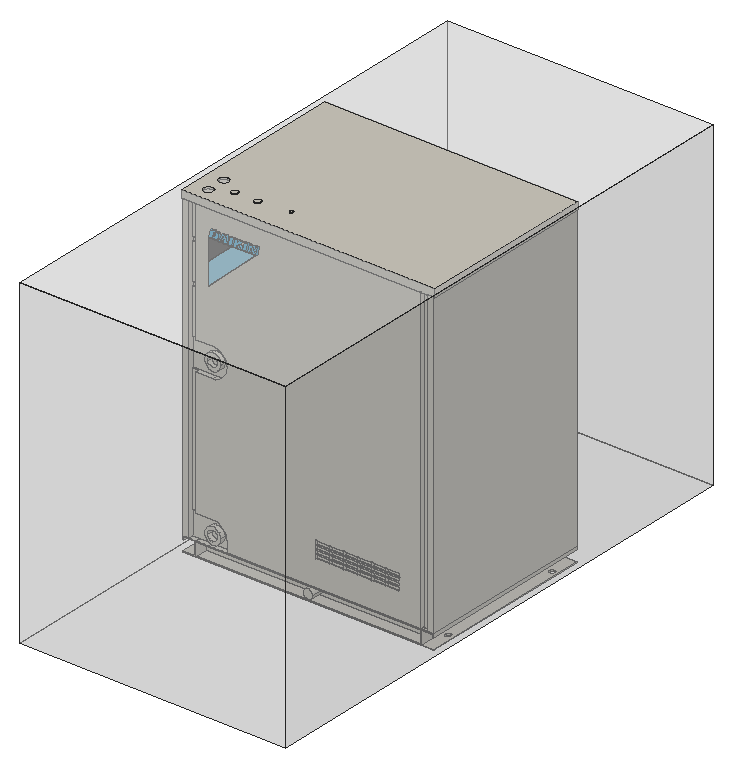
Revit family "outputfile", category 機械設備, Revit 2024
Family settings
  丸型コネクタ寸法 = 半径を使用
  種別 = なし
  パーツ タイプ = 標準
  OmniClass 番号 = 23.75.10.24.21.27.27
  OmniClass タイトル = Split System Air Conditioning Units
  作業面ベース = いいえ
  常に垂直 = はい
  ロード時にボイドで切り取り = いいえ
  注釈の向きを維持 = いいえ
  共有 = いいえ
  部屋計算ポイント = いいえ
Parameters (values of type "RWEYQ6TYM")
  製造元 = "Daikin"
  書き出し IFC クラス(タイプ) = "IfcUnitaryEquipmentType"
  定義済み IFC タイプ(タイプ) = "AIRCONDITIONINGUNIT"
  モデル = "RWEYQ6TYM"
  switch_unit1_6-8 = yes
  switch_unit1_12 = no
  switch_unit1_10 = no
  r_Water Outlet Pipe Connection = Water Outlet Pipe Connection_Unit1 / 2  # 15.9 mm
  r_Water Inlet Pipe Connection = Water Inlet Pipe Connection_Unit1 / 2  # 15.9 mm
  r_HP/LP Gas Pipe Size [instance] = [HP/LP Gas Pipe Size_Unit 1] / 2  # 9.55 mm
  r_Drain Pipe Size = Drain Pipe Size / 2  # 6.35 mm
  lw_Water Outlet = 95.0 mm
  lw_Water Inlet = 95.0 mm
  lw_HP/LP Gas Pipe [instance] = if(Heat Pump, 178.0 mm, 107.0 mm)  # 178.0 mm
  lw_Drain = 390.0 mm
  ld_HP/LP Gas Pipe = 69.0 mm
  h_mountinghole = [h_***] + 2.3 mm  # 2.3 mm
  r_Liquid Pipe Size = Liquid Pipe Size_Unit 1 / 2  # 4.75 mm
  r_Gas Pipe Size = Gas Pipe Size_Unit 1 / 2  # 9.55 mm
  angle_Drain [instance] = if(Rear Connection_Drain, 180.00°, 0.00°)  # 0.00°
  Water Outlet Pipe Connection_Unit1 = 31.8 mm
  Water Inlet Pipe Connection_Unit1 = 31.8 mm
  Voltage_comment_60Hz = "380"
  Voltage_comment_50Hz = "380-415"
  Voltage_60Hz = 380 V
  Voltage_50Hz = 400 V
  Top Connection_powersupply2 [instance] = not(Top Connection_powersupply1)  # no
  Sound Power Level (dB) = 64
  Rear Connection_Drain [instance] = not(Front Connection_Drain)  # no
  Power Input (Heating) = 2.690 kW
  Phase_60Hz = 3
  Phase_50Hz = 3
  Nominal Heating Capacity = 18.000 kW
  Minimum Circuit Amps_60Hz = 13.6 A
  Minimum Circuit Amps_50Hz = 13.6 A
  Maximum Fuse Amps_60Hz = 15.0 A
  Maximum Fuse Amps_50Hz = 15.0 A
  Material_Heat Exchanger = DAIKIN_Blue_HE_outdoorunit
  Material_Casing = DAIKIN_IvoryWhite_Casing_outdoorunit
  lw_powersupply = 51.0 mm
  lw_liquidpipe = 274.0 mm
  lw_gaspipe [instance] = if(Heat Pump, 107.0 mm, 178.0 mm)  # 107.0 mm
  lh_powersupply = 940.0 mm
  ld_powersupply [instance] = if(Top Connection_powersupply1, 38.0 mm, 98.0 mm)  # 38.0 mm
  ld_liquidpipe = 79.0 mm
  ld_gaspipe = 69.0 mm
  h_*** = 0.0 mm
  Width = 780.0 mm
  Version = "ver.1.0"
  Unit Type = ""
  Unit Mass Weight = 146.00 kg
  Unit Designation [instance] = ""
  Uniclass2015Version = "Products v1.30"
  Uniclass2015Title = "Variable refrigerant flow units"
  Uniclass2015Code = "Pr_70_65_03_94"
  Total Cooling Capacity [instance] = 0.000 kW
  Sound Pressure Level (dBA) = 49
  Series = "VRV Heat Recovery"
  Refrigerant_Base Charge = 3.500 kg
  Refrigerant_Additional Charge [instance] = 0.000 kg
  Refrigerant Type = "R410A"
  Power Input (Cooling) = 2.580 kW
  Option Accessory 3 [instance] = ""
  Option Accessory 2 [instance] = ""
  Option Accessory 1 [instance] = ""
  Nominal Cooling Capacity = 16.000 kW
  Load Classification = HVAC
  Liquid Pipe Size_Unit 1 = 9.5 mm
  Link_Nested Family [instance] = ""
  IfcVersion = ""
  IfcExportType = "AIRCONDITIONINGUNIT"
  IfcExportAs = "IfcUnitaryEquipmentType"
  Height = 1000.0 mm
  Heat Recovery [instance] = not(Heat Pump)  # no
  Heat Pump [instance] = yes
  Heat Exchanger Type = "Stainless Steel Plate"
  HP/LP Gas Pipe Size_Unit 1 [instance] = if(and(Heat Pump, [switch_unit1_6-8]), 19.1 mm, if(and(Heat Pump, switch_unit1_10), 22.2 mm, if(and(Heat Pump, switch_unit1_12), 22.2 mm, if(and(Heat Recovery, [switch_unit1_6-8]), 15.9 mm, if(and(Heat Recovery, switch_unit1_10), 19.1 mm, if(and(Heat Recovery, switch_unit1_12), 19.1 mm, 19.1 mm))))))  # 19.1 mm
  Gas Pipe Size_Unit 1 = 19.1 mm
  Top Connection_powersupply1 [instance] = yes
  Front Connection_Drain [instance] = yes
  Frequency_60Hz = 60 Hz
  Frequency_50Hz = 50 Hz
  Drain Pipe Size = 12.7 mm
  Depth = 550.0 mm
  既定の高さ = 0.0 mm
  Cooling Ambient Wet Bulb Temperature [instance] = 0.00 °C
  Cooling Ambient Dry Bulb Temperature [instance] = 0.00 °C
  Compressor Type = "Hermetically Sealed Scroll Type"
  Clearance visibility [instance] = yes
  Clearance Top = 0.0 mm
  Clearance Right = 20.0 mm
  Clearance Rear = 500.0 mm
  Clearance Left = 20.0 mm
  Clearance Front = 600.0 mm
  Clearance Bottom = 0.0 mm
  CU Tag No. [instance] = ""
Reference planes
  plane 1 "Center (Front/Back)": y = 0
  plane 2 "h_***": z = 0
  plane 3 "Center (Left/Right)": x = 0
  plane 4 "Back": y = 275
  plane 5 "Front": y = -275
  plane 6 "Left": x = -390
  plane 7 "Right": x = 390
  plane 8 "Top": z = 1000
  plane 9 "Clearance Rear": y = 775
  plane 10 "Clearance Front": y = -875
  plane 11 "Clearance Left": x = -410
  plane 12 "Clearance Right": x = 410
  plane 13 "Clearance Top": z = 1000
  plane 14 "Clearance Bottom": z = 0
  plane 15 "Bottom": z = 0
  plane 16 "lw_powersupply": x = -339
  plane 17 "ld_powersupply": y = -237
  plane 18 "lw_liquidpipe": x = -116
  plane 19 "Rear Connection_refrigetant": y = -196
  plane 20 "lw_gaspipe": x = -283
  plane 21 "ld_gaspipe": y = -206
  plane 22 "lh_logo": z = 900
  plane 23 "lw_logo": x = 100
  plane 24 "lh_powersupply": z = 940
  plane 25 "lw_HP/LP Gas Pipe": x = -212
  plane 26 "ld_HP/LP Gas Pipe": y = -206
  plane 27 "lw_Water Inlet": x = -295
  plane 28 "lw_Water Outlet": x = -295
  plane 29 "lw_Drain": x = 0
Dimensions and locks
  equal spacing: plane 4 "Back", plane 1 "Center (Front/Back)", plane 5 "Front"
  "Depth": plane 4 "Back" to plane 5 "Front"
  equal spacing: plane 6 "Left", plane 3 "Center (Left/Right)", plane 7 "Right"
  "Width": plane 6 "Left" to plane 7 "Right"
  "Clearance Rear": plane 9 "Clearance Rear" to plane 4 "Back"
  "Clearance Front": plane 10 "Clearance Front" to plane 5 "Front"
  "Clearance Left": plane 11 "Clearance Left" to plane 6 "Left"
  "Clearance Right": plane 7 "Right" to plane 12 "Clearance Right"
  "Clearance Top": plane 13 "Clearance Top" to plane 8 "Top"
  "h_***": plane 15 "Bottom" to plane 2 "h_***"
  "Height": plane 8 "Top" to plane 15 "Bottom"
  "Clearance Bottom": plane 15 "Bottom" to plane 14 "Clearance Bottom"
  "ld_powersupply": plane 17 "ld_powersupply" to plane 5 "Front"
  "ld_liquidpipe": plane 19 "Rear Connection_refrigetant" to plane 5 "Front"
  "ld_gaspipe": plane 21 "ld_gaspipe" to plane 5 "Front"
  locked: plane 23 "lw_logo" to plane 7 "Right" at 290
  locked: plane 22 "lh_logo" to plane 15 "Bottom" at 900
  "lw_gaspipe": plane 6 "Left" to plane 20 "lw_gaspipe"
  "lw_liquidpipe": plane 6 "Left" to plane 18 "lw_liquidpipe"
  "lw_powersupply": plane 6 "Left" to plane 16 "lw_powersupply"
  "lh_powersupply": plane 24 "lh_powersupply" to plane 15 "Bottom"
  "lw_HP/LP Gas Pipe": plane 6 "Left" to plane 25 "lw_HP/LP Gas Pipe"
  "ld_HP/LP Gas Pipe": plane 26 "ld_HP/LP Gas Pipe" to plane 5 "Front"
  "lw_Water Inlet": plane 6 "Left" to plane 27 "lw_Water Inlet"
  "lw_Water Outlet": plane 6 "Left" to plane 28 "lw_Water Outlet"
  "lw_Drain": plane 6 "Left" to plane 29 "lw_Drain"
  aligned and locked: level to plane 2 "h_***"
  aligned and locked: plane 9 "Clearance Rear" to nested 2
  aligned and locked: nested 2 to plane 10 "Clearance Front"
  aligned and locked: plane 11 "Clearance Left" to nested 2
  aligned and locked: plane 12 "Clearance Right" to nested 2
  aligned and locked: plane 13 "Clearance Top" to nested 2
  aligned and locked: plane 14 "Clearance Bottom" to nested 2
  aligned and locked: plane 8 "Top" to nested 1
  aligned and locked: plane 22 "lh_logo" to nested 7
  aligned and locked: nested 8 to plane 16 "lw_powersupply"
  aligned and locked: nested 9 to plane 20 "lw_gaspipe"
  aligned and locked: nested 10 to plane 18 "lw_liquidpipe"
  aligned and locked: nested 10 to plane 19 "Rear Connection_refrigetant"
  aligned and locked: nested 9 to plane 21 "ld_gaspipe"
  aligned and locked: nested 8 to plane 17 "ld_powersupply"
  aligned and locked: plane 5 "Front" to nested 7
  aligned and locked: plane 24 "lh_powersupply" to nested 8
  aligned and locked: plane 1 "Center (Front/Back)" to nested 11
  aligned and locked: plane 27 "lw_Water Inlet" to nested 11
  aligned and locked: plane 1 "Center (Front/Back)" to nested 12
  aligned and locked: plane 28 "lw_Water Outlet" to nested 12
  aligned and locked: plane 1 "Center (Front/Back)" to nested 13
  aligned and locked: plane 29 "lw_Drain" to nested 13
  aligned and locked: plane 25 "lw_HP/LP Gas Pipe" to nested 14
  aligned and locked: nested 14 to plane 26 "ld_HP/LP Gas Pipe"
Nested families
  nested 1: "DAIKIN_outdoorunit_RWEYQ-TYM" at (-31, 0, 0), h_*** <- "h_***", Link_Nest <- "Link_Nested Family", h_mountinghole <- "h_mountinghole", Width <- "Width", type "RWEYQ-TYM"
    with show_fixedhole yes, h_mountinghole 2.3 mm, h_antenna_mountinghole 998.7 mm, h_*** 0.0 mm, array_bolt 5, Width 780.0 mm, Link_Nest "", Heat Recovery no, Heat Pump yes, HP/LP Pipe Size_Unit 1_L 178.0 mm, HP/LP Pipe Size_Unit 1 19.1 mm, Gas Pipe Size_Unit 1_L 107.0 mm
  nested 2: "daikin_clearancespace" at (0, -50, 500.119), visible <- "Clearance visibility", show <- "Clearance visibility", Link_Nested Family <- "Link_Nested Family", type "daikin_clearancespace"
    with width 820.0 mm, show yes, height 1000.0 mm, depth 1650.0 mm, Link_Nested Family ""
  nested 3: "daikin_mountinghole" at (-372, 200, 0), type "daikin_mountinghole"
    with show yes, l_antenna 998.7 mm, h_mountinghole 2.3 mm, Link_Nested Family ""
  nested 4: "daikin_mountinghole" at (372, 200, 0), type "daikin_mountinghole"
    with show yes, l_antenna 998.7 mm, h_mountinghole 2.3 mm, Link_Nested Family ""
  nested 5: "daikin_mountinghole" at (-372, -200, 0), type "daikin_mountinghole"
    with show yes, l_antenna 998.7 mm, h_mountinghole 2.3 mm, Link_Nested Family ""
  nested 6: "daikin_mountinghole" at (372, -200, 0), type "daikin_mountinghole"
    with show yes, l_antenna 998.7 mm, h_mountinghole 2.3 mm, Link_Nested Family ""
  nested 7: "daikin_logo_elevation_w150" at (-212.5, -275, 744.568), type "daikin_logo_elevation_w150"
    with show_logo yes
  nested 8: "daikin_connector_rotate3" at (-339, -237, 940) x (-1, 0, 0) z (0, 0, -1), type "daikin_connector_rotate3"
    with show no, radius 10.0 mm, length 60.0 mm, angle_vertical 0.00°, angle_horizontal 0.00°
  nested 9: "daikin_connector_rotate3" at (-283, -206, 940) x (-1, 0, 0) z (0, 0, -1), radius <- "r_Gas Pipe Size", type "daikin_connector_rotate3"
    with show no, radius 9.55 mm, length 60.0 mm, angle_vertical 0.00°, angle_horizontal 0.00°
  nested 10: "daikin_connector_rotate3" at (-116, -196, 940) x (-1, 0, 0) z (0, 0, -1), radius <- "r_Liquid Pipe Size", type "daikin_connector_rotate3"
    with show no, radius 4.75 mm, length 60.0 mm, angle_vertical 0.00°, angle_horizontal 0.00°
  nested 11: "daikin_connector_rotate3" at (-295, 0, 76), radius <- "r_Water Inlet Pipe Connection", type "daikin_connector_rotate3"
    with show no, radius 15.9 mm, length 275.0 mm, angle_vertical 90.00°, angle_horizontal 0.00°
  nested 12: "daikin_connector_rotate3" at (-295, 0, 556), radius <- "r_Water Outlet Pipe Connection", type "daikin_connector_rotate3"
    with show no, radius 15.9 mm, length 275.0 mm, angle_vertical 90.00°, angle_horizontal 0.00°
  nested 13: "daikin_connector_rotate3" at (0, 0, 19), radius <- "r_Drain Pipe Size", angle_horizontal <- "angle_Drain", type "daikin_connector_rotate3"
    with show no, radius 6.35 mm, length 275.0 mm, angle_vertical 90.00°, angle_horizontal 0.00°
  nested 14: "daikin_connector_rotate3" at (-212, -206, 940) x (1, 0, 0) z (0, 0, -1), radius <- "r_HP/LP Gas Pipe Size", type "daikin_connector_rotate3"
    with show no, radius 9.55 mm, length 60.0 mm, angle_vertical 0.00°, angle_horizontal 0.00°
Connectors
  piping at (-116, -196, 1000), diameter 9.5, driven by "r_Liquid Pipe Size"
    settings: on nested 10, index 12, connector inside diameter 609.6 mm, connector length 0.0 mm, flow factor 0, pipe flow 0.00 m³/h, pressure drop 0.0 Pa, fitting loss kfactor 0, connector angle 0.00°, fixture units 0, engagement length 0.0 mm, angle of deflection 0.00°, flow configuration 0, flow direction 2, fitting loss method 0, system type 29, joint type 0, gender type 0, connector reference index -1, connector utility 0, adjustable connector no, is connector primary no, connector description "Refrigerant Liquid Piping"
  electrical at (-339, -237, 1000), driven by "Load Classification"
    settings: on nested 8, index 13, voltage 0 V, apparent load 0 VA, apparent load phase1 0 VA, apparent load phase2 0 VA, apparent load phase3 0 VA, power factor 1, load classification "HVAC", number of poles 1, system type 30, power factor state 1, is connector primary yes, connector utility no, sub classification motor no, connector description "Power Supply"
  piping at (-295, -275, 76), diameter 31.8, driven by "r_Water Inlet Pipe Connection"
    settings: on nested 11, index 15, connector inside diameter 609.6 mm, connector length 0.0 mm, flow factor 0, pipe flow 0.00 m³/h, pressure drop 0.0 Pa, fitting loss kfactor 0, connector angle 0.00°, fixture units 0, engagement length 0.0 mm, angle of deflection 0.00°, flow configuration 1, flow direction 1, fitting loss method 0, system type 7, joint type 0, gender type 0, connector reference index -1, connector utility 0, adjustable connector no, is connector primary no, connector description "Cooling Water Inlet  Piping"
  piping at (-295, -275, 556), diameter 31.8, driven by "r_Water Outlet Pipe Connection"
    settings: on nested 12, index 16, connector inside diameter 609.6 mm, connector length 0.0 mm, flow factor 0, pipe flow 0.00 m³/h, pressure drop 0.0 Pa, fitting loss kfactor 0, connector angle 0.00°, fixture units 0, engagement length 0.0 mm, angle of deflection 0.00°, flow configuration 1, flow direction 2, fitting loss method 0, system type 8, joint type 0, gender type 0, connector reference index -1, connector utility 0, adjustable connector no, is connector primary no, connector description "Cooling Water Outlet Piping"
  piping at (0, -275, 19), diameter 12.7, driven by "r_Drain Pipe Size"
    settings: on nested 13, index 17, connector inside diameter 609.6 mm, connector length 0.0 mm, flow factor 0, pipe flow 0.00 m³/h, pressure drop 0.0 Pa, fitting loss kfactor 0, connector angle 0.00°, fixture units 0, engagement length 0.0 mm, angle of deflection 0.00°, flow configuration 1, flow direction 2, fitting loss method 4, system type 16, joint type 0, gender type 0, connector reference index -1, connector utility 0, adjustable connector no, is connector primary no, connector description "Condensate Drain Piping"
  piping at (-212, -206, 1000), diameter 19.1, driven by "r_HP/LP Gas Pipe Size"
    settings: on nested 14, index 19, connector inside diameter 609.6 mm, connector length 0.0 mm, flow factor 0, pipe flow 0.00 m³/h, pressure drop 0.0 Pa, fitting loss kfactor 0, connector angle 0.00°, fixture units 0, engagement length 0.0 mm, angle of deflection 0.00°, flow configuration 0, flow direction 0, fitting loss method 0, system type 29, joint type 0, gender type 0, connector reference index -1, connector utility 0, adjustable connector no, is connector primary no, connector description "Refrigerant HP/LP Gas Piping"
  piping at (-283, -206, 1000), diameter 19.1, driven by "r_Gas Pipe Size"
    settings: on nested 9, index 20, connector inside diameter 609.6 mm, connector length 0.0 mm, flow factor 0, pipe flow 0.00 m³/h, pressure drop 0.0 Pa, fitting loss kfactor 0, connector angle 0.00°, fixture units 0, engagement length 0.0 mm, angle of deflection 0.00°, flow configuration 0, flow direction 1, fitting loss method 0, system type 29, joint type 0, gender type 0, connector reference index -1, connector utility 0, adjustable connector no, is connector primary yes, connector description "Refrigerant Gas Piping"
Definition of nested family "DAIKIN_outdoorunit_RWEYQ-TYM"
  Parameters (values of type "RWEYQ-TYM")
    w_wiremesh_right = 668.0 mm  # constant formula
    w_wiremesh_left = 590.0 mm  # constant formula
    w_wiremesh_front = 248.0 mm  # constant formula
    switch_unit1_6-8 = yes
    switch_unit1_12 = no
    switch_unit1_10 = no
    show_fixedhole [instance] = yes
    material_heatexchanger = none
    material_casing = none
    ld_hole1_bottom = 154.0 mm  # constant formula
    h_wiremesh = 900.0 mm  # constant formula
    h_mountinghole [instance] = 2.3 mm
    h_antenna_mountinghole [instance] = Height + 1.0 mm - 2.3 mm  # 998.7 mm
    h_*** [instance] = 0.0 mm
    array_bolt [instance] = 5
    Width [instance] = 780.0 mm
    Liquid Pipe Size_Unit 1 = if([switch_unit1_6-8], 9.5 mm, if(switch_unit1_10, 9.5 mm, if(switch_unit1_12, 12.7 mm, 9.5 mm)))  # 9.5 mm
    Link_Nest [instance] = ""
    Height = 1000.0 mm
    Heat Recovery = not(Heat Pump)  # yes
    Heat Pump = no
    HP/LP Pipe Size_Unit 1_L = if(Heat Pump, 178.0 mm, 107.0 mm)  # 107.0 mm
    HP/LP Pipe Size_Unit 1 = if(Heat Recovery, if([switch_unit1_6-8], 15.9 mm, if(switch_unit1_10, 19.1 mm, if(switch_unit1_12, 19.1 mm, 15.9 mm))), if([switch_unit1_6-8], 19.1 mm, if(switch_unit1_10, 22.2 mm, if(switch_unit1_12, 22.2 mm, 19.1 mm))))  # 15.9 mm
    Gas Pipe Size_Unit 1_L = if(Heat Pump, 107.0 mm, 178.0 mm)  # 178.0 mm
    Gas Pipe Size_Unit 1_H = 60.0 mm  # constant formula
    Gas Pipe Size_Unit 1 = if([switch_unit1_6-8], 19.1 mm, if(switch_unit1_10, 22.2 mm, if(switch_unit1_12, 22.2 mm, 19.1 mm)))  # 19.1 mm
    Depth = 550.0 mm
    Default Elevation = 0.0 mm
  Reference planes
    plane 1 "Center (Front/Back)": y = 0
    plane 2 "reference_level": z = 0
    plane 3 "Center (Left/Right)": x = 31
    plane 4 "Bottom": z = 0
    plane 5: x = 421
    plane 6: x = -359
    plane 7 "Back": y = 275
    plane 8 "Front": y = -275
    plane 9: z = 1000
    plane 10: z = 976
    plane 11: y = -255
    plane 12: y = 255
    plane 13: x = -337
    plane 14: x = 399
    plane 15: x = -341
    plane 16: z = 45
    plane 17: x = 403
    plane 18: y = 200
    plane 19: y = -200
    plane 20: z = 1060
    plane 21: z = 19
    plane 22: z = 1000
    plane 23: z = 940
  Forms (mm)
    Extrusion 1, solid, material <- "material_heatexchanger"
      sketch origin (0, 0, 0) x (1, 0, 0) y (0, 1, 0)
        loop
          line (-337, 255) -> (-337, -255) -> (399, -255) -> (399, 255) -> (-337, 255)
      from 54 to 976
    Extrusion 2, void
      sketch origin (0, 350, 0) x (1, 0, 0) y (0, 1, 0)
        loop
          circle (-341, -150) r 8.5
        loop
          circle (403, -150) r 8.5
        loop
          circle (403, -550) r 8.5
        loop
          circle (-341, -550) r 8.5
      from 0 to 29.064
    Extrusion 3, solid, material <- "material_casing"
      sketch origin (620, -305, 0) x (-1, 0, 0) y (0, 0, 1)
        loop
          line (204.3, 35.061) -> (204.3, 42.7) -> (239.7, 42.7) -> (239.7, 2.3) -> (201, 2.3) -> (201, 0) -> (242, 0) -> (242, 45) -> (201, 45) -> (201, 35.061) -> (204.3, 35.061)
        loop
          line (973.7, 35.061) -> (977, 35.061) -> (977, 45) -> (936, 45) -> (936, 0) -> (977, 0) -> (977, 2.3) -> (938.3, 2.3) -> (938.3, 42.7) -> (973.7, 42.7) -> (973.7, 35.061)
      from 30 to 580
    Extrusion 4, solid, material <- "material_casing"
      sketch origin (31, 0, 0) x (0, 1, 0) y (0, 0, 1)
        loop
          line (-275, 45) -> (-275, 42.7) -> (-236.3, 42.7) -> (-236.3, 2.3) -> (-275, 2.3) -> (-275, 0) -> (-234, 0) -> (-234, 45) -> (-275, 45)
        loop
          line (275, 45) -> (234, 45) -> (234, 0) -> (275, 0) -> (275, 2.3) -> (236.3, 2.3) -> (236.3, 42.7) -> (275, 42.7) -> (275, 45)
      from -347 to 347
    Extrusion 5, solid, material <- "material_casing"
      sketch origin (0, 0, 0) x (1, 0, 0) y (0, 1, 0)
        loop
          circle (-85, -196) r 4.75
        loop
          circle (-252, -206) r 7.95
      from 940 to 1000
    Extrusion 6, solid, material <- "material_casing"
      sketch origin (-663.497, -190, 1200) x (-1, 0, 0) y (0, 0, 1)
        loop
          circle (-694.497, -1181) r 14
      from -85 to -46.3
    Extrusion 7, solid, material <- "material_casing"
      sketch origin (-663.497, 230, 1200) x (-1, 0, 0) y (0, 0, 1)
        loop
          circle (-694.497, -1181) r 14
      from 6.3 to 45
    Extrusion 8, solid, material <- "material_casing"
      sketch origin (0, -500, 0) x (1, 0, 0) y (0, 1, 0)
        loop
          circle (-181, 294) r 9.55
      from 940 to 1000
  Cuts and joins
    Extrusion 2 cuts Extrusion 3
  Dimensions and locks
    equal spacing: plane 6, plane 3 "Center (Left/Right)", plane 5
    "Width": plane 6 to plane 5
    locked: plane 9 to plane 10 at 24
    "Depth": plane 8 "Front" to plane 7 "Back"
    equal spacing: plane 7 "Back", plane 1 "Center (Front/Back)", plane 8 "Front"
    locked: plane 12 to plane 7 "Back" at 20
    locked: plane 11 to plane 8 "Front" at 20
    locked: plane 6 to plane 13 at 22
    locked: plane 14 to plane 5 at 22
    locked: plane 6 to plane 15 at 18
    "h_***": plane 4 "Bottom" to plane 2 "reference_level"
    locked: plane 16 to plane 4 "Bottom" at 45
    "Height": plane 9 to plane 4 "Bottom"
    locked: plane 5 to Extrusion 3 sketch curve at 2  (x2)
    locked: Extrusion 3 sketch curve to Extrusion 3 sketch curve at 41  (x2)
    locked: Extrusion 3 sketch curve to Extrusion 3 sketch curve at 3.3  (x2)
    locked: Extrusion 3 sketch curve to plane 6 at 2  (x2)
    locked: plane 8 "Front" to Extrusion 4 sketch curve at 41
    locked: Extrusion 4 sketch curve to plane 7 "Back" at 41
    locked: plane 17 to plane 5 at 18
    plane 19 to plane 8 "Front" = 75.0 mm
    locked: plane 18 to plane 7 "Back" at 75
    locked: Extrusion 5 sketch curve to plane 8 "Front" at 79
    locked: plane 6 to Extrusion 5 sketch curve at 274
    "HP/LP Pipe Size_Unit 1_L": plane 6 to Extrusion 5 sketch curve
    locked: Extrusion 5 sketch curve to plane 8 "Front" at 69
    locked: plane 20 to plane 9 at 60
    locked: plane 21 to plane 4 "Bottom" at 19
    locked: plane 8 "Front" to Extrusion 8 sketch curve at 69
    "Gas Pipe Size_Unit 1_L": plane 6 to Extrusion 8 sketch curve
    "Gas Pipe Size_Unit 1_H": plane 20 to plane 22
    locked: plane 22 to plane 23 at 60
    "HP/LP Pipe Size_Unit 1": diameter of Extrusion 5 sketch curve
    "Liquid Pipe Size_Unit 1": diameter of Extrusion 5 sketch curve
    "Gas Pipe Size_Unit 1": diameter of Extrusion 8 sketch curve
    aligned and locked: level to plane 2 "reference_level"
    aligned and locked: plane 12 to Extrusion 1 sketch curve
    aligned and locked: plane 11 to Extrusion 1 sketch curve
    aligned and locked: plane 13 to Extrusion 1 sketch curve
    aligned and locked: plane 14 to Extrusion 1 sketch curve
    aligned and locked: plane 10 to Extrusion 1
    aligned and locked: plane 11 to nested 1
    aligned and locked: plane 10 to nested 4
    aligned and locked: nested 5 to plane 9
    aligned and locked: plane 10 to nested 3
    aligned and locked: plane 10 to nested 2
    aligned and locked: plane 13 to nested 4
    aligned and locked: plane 14 to nested 2
    aligned and locked: plane 12 to nested 3
    aligned and locked: plane 15 to nested 7
    aligned and locked: plane 15 to nested 9
    aligned and locked: plane 8 "Front" to nested 5
    aligned and locked: plane 6 to nested 5
    aligned and locked: plane 10 to nested 1
    aligned and locked: plane 13 to nested 1
    aligned and locked: nested 2 to plane 1 "Center (Front/Back)"
    aligned and locked: nested 3 to plane 3 "Center (Left/Right)"
    aligned and locked: plane 1 "Center (Front/Back)" to nested 4
    aligned and locked: nested 6 to plane 3 "Center (Left/Right)"
    aligned and locked: plane 1 "Center (Front/Back)" to nested 6
    aligned and locked: plane 16 to Extrusion 3 sketch curve
    aligned and locked: Extrusion 3 sketch curve to plane 4 "Bottom"
    aligned and locked: Extrusion 3 sketch curve to plane 16
    aligned and locked: plane 4 "Bottom" to Extrusion 3 sketch curve
    aligned and locked: Extrusion 3 to plane 7 "Back"
    aligned and locked: Extrusion 3 to plane 8 "Front"
    aligned and locked: plane 8 "Front" to Extrusion 4 sketch curve  (x2)
    aligned and locked: plane 4 "Bottom" to Extrusion 4 sketch curve
    aligned and locked: Extrusion 4 sketch curve to plane 16
    aligned and locked: Extrusion 4 sketch curve to plane 7 "Back"  (x2)
    aligned and locked: plane 18 to Extrusion 2 sketch curve  (x2)
    aligned and locked: plane 15 to Extrusion 2 sketch curve  (x2)
    aligned and locked: plane 17 to Extrusion 2 sketch curve  (x2)
    aligned and locked: plane 17 to nested 8
    aligned and locked: plane 18 to nested 8
    aligned and locked: plane 18 to nested 7
    aligned and locked: nested 7 to plane 15
    aligned and locked: nested 9 to plane 19
    aligned and locked: nested 9 to plane 15
    aligned and locked: nested 10 to plane 19
    aligned and locked: plane 17 to nested 10
    aligned and locked: plane 19 to Extrusion 2 sketch curve  (x2)
    aligned and locked: plane 3 "Center (Left/Right)" to Extrusion 6 sketch curve
    aligned and locked: plane 21 to Extrusion 6 sketch curve
    aligned and locked: plane 22 to Extrusion 8
    aligned and locked: Extrusion 8 to plane 23
    aligned and locked: Extrusion 5 to plane 23
    aligned and locked: Extrusion 5 to plane 22
  Automatic sketch dimensions
    Extrusion 3 sketch curve to Extrusion 3 sketch curve = 2.3 mm  (x2)
    level to Extrusion 3 sketch curve = 2.3 mm  (x2)
    Extrusion 3 sketch curve to plane 16 = 9.939 mm  (x2)
    Extrusion 3 sketch curve to plane 16 = 2.3 mm  (x2)
    Extrusion 4 sketch curve to level = 0.0 mm
    Extrusion 4 sketch curve to plane 16 = 0.0 mm
    Extrusion 4 sketch curve to Extrusion 4 sketch curve = 2.3 mm  (x2)
    level to Extrusion 4 sketch curve = 2.3 mm  (x2)
    Extrusion 4 sketch curve to plane 16 = 2.3 mm  (x2)
    Extrusion 7 sketch curve to plane 3 "Center (Left/Right)" = 0.0 mm
    Extrusion 7 sketch curve to plane 21 = 0.0 mm
    radius of Extrusion 2 sketch curve = 8.5 mm  (x4)
    radius of Extrusion 6 sketch curve = 14.0 mm
    radius of Extrusion 7 sketch curve = 14.0 mm
  Nested families
    nested 1: "outdoorunit_frontpanel" at (-337, -265, 45), material <- "material_casing", type "frontpanel1"
      with material none
    nested 2: "outdoorunit_rightpanel1" at (409, -275, 45) x (0, 1, 0) z (0, 0, 1), material <- "material_casing", type "frontpanel1"
      with material none
    nested 3: "outdoorunit_backpanel" at (399, 265, 45) x (-1, 0, 0) z (0, 0, 1), material <- "material_casing", type "frontpanel1"
      with material none
    nested 4: "outdoorunit_leftpanel" at (-347, 275, 45) x (0, -1, 0) z (0, 0, 1), material <- "material_casing", type "frontpanel1"
      with material none
    nested 5: "outdoorunit_uppanel" at (-359, -275, 988) x (1, 0, 0) z (0, 1, 0), material <- "material_casing", type "frontpanel1"
      with material none
    nested 6: "outdoorunit_downpanel" at (399, 255, 56) x (-1, 0, 0) z (0, -1, 0), material <- "material_casing", type "frontpanel1"
      with material none
    nested 7: "daikin_mountinghole" at (-341, 200, 0), visible <- "show_fixedhole", Link_Nested Family <- "Link_Nest", l_antenna <- "h_antenna_mountinghole", h_mountinghole <- "h_mountinghole", type "daikin_mountinghole"
      with show yes, l_antenna 998.7 mm, h_mountinghole 2.3 mm, Link_Nested Family ""
    nested 8: "daikin_mountinghole" at (403, 200, 0), visible <- "show_fixedhole", Link_Nested Family <- "Link_Nest", l_antenna <- "h_antenna_mountinghole", h_mountinghole <- "h_mountinghole", type "daikin_mountinghole"
      with show yes, l_antenna 998.7 mm, h_mountinghole 2.3 mm, Link_Nested Family ""
    nested 9: "daikin_mountinghole" at (-341, -200, 0), visible <- "show_fixedhole", Link_Nested Family <- "Link_Nest", l_antenna <- "h_antenna_mountinghole", h_mountinghole <- "h_mountinghole", type "daikin_mountinghole"
      with show yes, l_antenna 998.7 mm, h_mountinghole 2.3 mm, Link_Nested Family ""
    nested 10: "daikin_mountinghole" at (403, -200, 0), visible <- "show_fixedhole", Link_Nested Family <- "Link_Nest", l_antenna <- "h_antenna_mountinghole", h_mountinghole <- "h_mountinghole", type "daikin_mountinghole"
      with show yes, l_antenna 998.7 mm, h_mountinghole 2.3 mm, Link_Nested Family ""
  Definition of nested family "outdoorunit_frontpanel"
    Parameters (values of type "frontpanel1")
      width = 736.0 mm
      material [instance] = none
      height1 = 931.0 mm
      depth = 20.0 mm
      Default Elevation = 0.0 mm
    Reference planes
      plane 1 "Center (Front/Back)": y = 0
      plane 2 "Bottom": z = 0
      plane 3: x = 0
      plane 4 "Back": y = 10
      plane 5 "Front": y = -10
      plane 6: x = 736
      plane 7 "Top": z = 931
      plane 8 "Left": x = 0
      plane 9 "Center L/S": y = 5
      plane 10 "Center L/T": y = -5
    Forms (mm)
      Extrusion 1, solid, material <- "material"
        sketch origin (0, 0, 0) x (1, 0, 0) y (0, 1, 0)
          loop
            line (0, 10) -> (0, -10) -> (736, -10) -> (736, 10) -> (0, 10)
        from 0 to 931
      Extrusion 2, void
        sketch origin (0, 0, 0) x (1, 0, 0) y (0, 0, 1)
          loop
            line (0, 931) -> (0, 0) -> (21, 0) -> (21, 931) -> (0, 931)
          loop
            line (736, 931) -> (715, 931) -> (715, 0) -> (736, 0) -> (736, 931)
        from 0 to 250
      Extrusion 3, void
        sketch origin (0, 0, 0) x (1, 0, 0) y (0, 0, 1)
          loop
            line (2, 931) -> (-33, 931) -> (-33, -14) -> (118, -14) -> (118, 31)
            arc (118, 31) -> (104.82, 62.82) -> (73, 76) r 45
            line (73, 76) -> (2, 76) -> (2, 466) -> (73, 466)
            arc (73, 466) -> (118, 511) -> (73, 556) r 45
            line (73, 556) -> (2, 556) -> (2, 692) -> (10.5, 692)
            arc (10.5, 692) -> (18, 699.5) -> (10.5, 707) r 7.5
            line (10.5, 707) -> (2, 707) -> (2, 817) -> (10.5, 817)
            arc (10.5, 817) -> (18, 824.5) -> (10.5, 832) r 7.5
            line (10.5, 832) -> (2, 832) -> (2, 931)
        from -5 to 250
      Extrusion 4, void
        sketch origin (0, 0, 0) x (1, 0, 0) y (0, 0, 1)
          loop
            line (734, 931) -> (734, 0) -> (972.161, 0) -> (972.161, 931) -> (734, 931)
        from -5 to 250
      Extrusion 5, solid, material <- "material"
        sketch origin (0, 0, 0) x (1, 0, 0) y (0, 0, 1)
          loop
            circle (73, 511) r 25
          loop
            circle (73, 511) r 15.5
          loop
            circle (73, 31) r 25
          loop
            circle (73, 31) r 15.5
        from -5 to 10
      Extrusion 6, void
        sketch origin (0, 0, 0) x (1, 0, 0) y (0, 0, 1)
          loop
            line (390.8, 131) -> (390.8, 118.75) -> (433.5, 118.75) -> (433.5, 131) -> (390.8, 131)
          loop
            line (390.8, 80) -> (433.5, 80) -> (433.5, 92.25) -> (390.8, 92.25) -> (390.8, 80)
          loop
            line (390.8, 117.75) -> (390.8, 106) -> (433.5, 106) -> (433.5, 117.75) -> (390.8, 117.75)
          loop
            line (390.8, 105) -> (390.8, 93.25) -> (433.5, 93.25) -> (433.5, 105) -> (390.8, 105)
          loop
            line (476.7, 131) -> (434.5, 131) -> (434.5, 118.75) -> (476.7, 118.75) -> (476.7, 131)
          loop
            line (434.5, 80) -> (476.7, 80) -> (476.7, 92.25) -> (434.5, 92.25) -> (434.5, 80)
          loop
            line (434.5, 117.75) -> (434.5, 106) -> (476.7, 106) -> (476.7, 117.75) -> (434.5, 117.75)
          loop
            line (434.5, 105) -> (434.5, 93.25) -> (476.7, 93.25) -> (476.7, 105) -> (434.5, 105)
          loop
            line (519.9, 131) -> (477.7, 131) -> (477.7, 118.75) -> (519.9, 118.75) -> (519.9, 131)
          loop
            line (477.7, 80) -> (519.9, 80) -> (519.9, 92.25) -> (477.7, 92.25) -> (477.7, 80)
          loop
            line (477.7, 117.75) -> (477.7, 106) -> (519.9, 106) -> (519.9, 117.75) -> (477.7, 117.75)
          loop
            line (477.7, 105) -> (477.7, 93.25) -> (519.9, 93.25) -> (519.9, 105) -> (477.7, 105)
          loop
            line (563.1, 131) -> (520.9, 131) -> (520.9, 118.75) -> (563.1, 118.75) -> (563.1, 131)
          loop
            line (520.9, 80) -> (563.1, 80) -> (563.1, 92.25) -> (520.9, 92.25) -> (520.9, 80)
          loop
            line (520.9, 117.75) -> (520.9, 106) -> (563.1, 106) -> (563.1, 117.75) -> (520.9, 117.75)
          loop
            line (520.9, 105) -> (520.9, 93.25) -> (563.1, 93.25) -> (563.1, 105) -> (520.9, 105)
          loop
            line (606.3, 131) -> (564.1, 131) -> (564.1, 118.75) -> (606.3, 118.75) -> (606.3, 131)
          loop
            line (564.1, 80) -> (606.3, 80) -> (606.3, 92.25) -> (564.1, 92.25) -> (564.1, 80)
          loop
            line (564.1, 117.75) -> (564.1, 106) -> (606.3, 106) -> (606.3, 117.75) -> (564.1, 117.75)
          loop
            line (564.1, 105) -> (564.1, 93.25) -> (606.3, 93.25) -> (606.3, 105) -> (564.1, 105)
          loop
            line (650, 131) -> (607.3, 131) -> (607.3, 118.75) -> (650, 118.75) -> (650, 131)
          loop
            line (607.3, 80) -> (650, 80) -> (650, 92.25) -> (607.3, 92.25) -> (607.3, 80)
          loop
            line (607.3, 117.75) -> (607.3, 106) -> (650, 106) -> (650, 117.75) -> (607.3, 117.75)
          loop
            line (607.3, 105) -> (607.3, 93.25) -> (650, 93.25) -> (650, 105) -> (607.3, 105)
        from 5 to 250
    Cuts and joins
      Extrusion 2, Extrusion 3, Extrusion 4, Extrusion 6 cuts Extrusion 1
    Dimensions and locks
      equal spacing: plane 4 "Back", plane 1 "Center (Front/Back)", plane 5 "Front"
      "depth": plane 4 "Back" to plane 5 "Front"
      "width": plane 8 "Left" to plane 6
      "height1": plane 7 "Top" to plane 2 "Bottom"
      locked: plane 8 "Left" to Extrusion 2 sketch curve at 21
      locked: Extrusion 2 sketch curve to plane 6 at 21
      locked: plane 9 "Center L/S" to plane 1 "Center (Front/Back)" at 5
      locked: Extrusion 3 sketch curve to Extrusion 3 sketch curve at 15  (x2)
      locked: plane 7 "Top" to Extrusion 3 sketch curve at 99
      locked: Extrusion 3 sketch curve to plane 8 "Left" at 10.5
      locked: Extrusion 3 sketch curve to Extrusion 3 sketch curve at 125
      locked: Extrusion 3 sketch curve to Extrusion 3 sketch curve at 90  (x2)
      locked: Extrusion 3 sketch curve to plane 8 "Left" at 73
      locked: Extrusion 3 sketch curve to Extrusion 3 sketch curve at 136
      locked: Extrusion 3 sketch curve to plane 2 "Bottom" at 76
      locked: Extrusion 3 sketch curve to Extrusion 3 sketch curve at 390
      locked: plane 6 to Extrusion 4 sketch curve at 2
      locked: plane 10 "Center L/T" to plane 1 "Center (Front/Back)" at 5
      aligned and locked: level to plane 2 "Bottom"
      aligned and locked: plane 8 "Left" to Extrusion 1 sketch curve
      aligned and locked: Extrusion 1 sketch curve to plane 4 "Back"
      aligned and locked: plane 5 "Front" to Extrusion 1 sketch curve
      aligned and locked: Extrusion 1 to plane 2 "Bottom"
      aligned and locked: plane 7 "Top" to Extrusion 1
      aligned and locked: plane 3 to plane 8 "Left"
      aligned and locked: plane 8 "Left" to Extrusion 2 sketch curve
      aligned and locked: Extrusion 2 sketch curve to plane 7 "Top"
      aligned and locked: plane 2 "Bottom" to Extrusion 2 sketch curve
      aligned and locked: Extrusion 2 sketch curve to plane 2 "Bottom"
      aligned and locked: plane 6 to Extrusion 2 sketch curve
      aligned and locked: plane 7 "Top" to Extrusion 2 sketch curve
      aligned and locked: Extrusion 2 to plane 1 "Center (Front/Back)"
      aligned and locked: plane 9 "Center L/S" to Extrusion 3
      aligned and locked: Extrusion 4 sketch curve to plane 7 "Top"
      aligned and locked: plane 2 "Bottom" to Extrusion 4 sketch curve
      aligned and locked: Extrusion 4 to plane 9 "Center L/S"
      aligned and locked: Extrusion 5 to plane 5 "Front"
      aligned and locked: plane 9 "Center L/S" to Extrusion 5
      aligned and locked: Extrusion 6 to plane 10 "Center L/T"
    Automatic sketch dimensions
      Extrusion 1 sketch curve to plane 6 = 0.0 mm
      Extrusion 3 sketch curve to plane 7 "Top" = 0.0 mm
      plane 3 to Extrusion 3 sketch curve = 2.0 mm  (x4)
      plane 3 to Extrusion 3 sketch curve = 10.5 mm
      Extrusion 3 sketch curve to Extrusion 3 sketch curve = 71.0 mm
      level to Extrusion 3 sketch curve = 31.0 mm
      Extrusion 3 sketch curve to plane 3 = 33.0 mm
      plane 6 to Extrusion 4 sketch curve = 236.161 mm
      Extrusion 5 sketch curve to Extrusion 5 sketch curve = 0.0 mm  (x4)
      plane 3 to Extrusion 5 sketch curve = 73.0 mm  (x2)
      level to Extrusion 5 sketch curve = 31.0 mm
      Extrusion 5 sketch curve to plane 7 "Top" = 420.0 mm
      level to Extrusion 6 sketch curve = 131.0 mm
      Extrusion 6 sketch curve to plane 6 = 345.2 mm
      Extrusion 6 sketch curve to Extrusion 6 sketch curve = 0.0 mm  (x40)
      Extrusion 6 sketch curve to Extrusion 6 sketch curve = 42.7 mm  (x2)
      Extrusion 6 sketch curve to Extrusion 6 sketch curve = 1.0 mm  (x32)
      Extrusion 6 sketch curve to Extrusion 6 sketch curve = 42.2 mm  (x4)
      Extrusion 6 sketch curve to Extrusion 6 sketch curve = 12.25 mm  (x7)
      Extrusion 6 sketch curve to Extrusion 6 sketch curve = 11.75 mm  (x9)
      radius of Extrusion 5 sketch curve = 25.0 mm  (x2)
      radius of Extrusion 5 sketch curve = 15.5 mm  (x2)
  Definition of nested family "outdoorunit_rightpanel1"
    Parameters (values of type "frontpanel1")
      width = 550.0 mm
      material [instance] = none
      height1 = 931.0 mm
      depth = 20.0 mm
      Default Elevation = 0.0 mm
    Reference planes
      plane 1 "Center (Front/Back)": y = 0
      plane 2 "Bottom": z = 0
      plane 3: x = 0
      plane 4 "Back": y = 10
      plane 5 "Front": y = -10
      plane 6: x = 550
      plane 7 "Top": z = 931
      plane 8 "Left": x = 0
      plane 9: y = -8.75
      plane 10: z = 639
      plane 11: y = -5.75
      plane 12: y = -2.551
      plane 13: y = -13
      plane 14: x = 275
    Forms (mm)
      Extrusion 1, solid, material <- "material"
        sketch origin (0, 0, 0) x (1, 0, 0) y (0, 1, 0)
          loop
            line (0, 10) -> (0, -10) -> (550, -10) -> (550, 10) -> (0, 10)
        from 0 to 931
    Dimensions and locks
      equal spacing: plane 4 "Back", plane 1 "Center (Front/Back)", plane 5 "Front"
      "depth": plane 4 "Back" to plane 5 "Front"
      "width": plane 8 "Left" to plane 6
      "height1": plane 7 "Top" to plane 2 "Bottom"
      locked: plane 10 to plane 2 "Bottom" at 639
      locked: plane 12 to plane 11 at 3.199
      plane 5 "Front" to plane 13 = 3.0 mm
      equal spacing: plane 8 "Left", plane 14, plane 6
      aligned and locked: level to plane 2 "Bottom"
      aligned and locked: plane 8 "Left" to Extrusion 1 sketch curve
      aligned and locked: Extrusion 1 sketch curve to plane 4 "Back"
      aligned and locked: plane 5 "Front" to Extrusion 1 sketch curve
      aligned and locked: Extrusion 1 to plane 2 "Bottom"
      aligned and locked: plane 7 "Top" to Extrusion 1
      aligned and locked: plane 3 to plane 8 "Left"
    Automatic sketch dimensions
      Extrusion 1 sketch curve to plane 6 = 0.0 mm
  Definition of nested family "outdoorunit_backpanel"
    Parameters (values of type "frontpanel1")
      width = 736.0 mm
      material [instance] = none
      height1 = 931.0 mm
      depth = 20.0 mm
      Default Elevation = 0.0 mm
    Reference planes
      plane 1 "Center (Front/Back)": y = 0
      plane 2 "Bottom": z = 0
      plane 3: x = 0
      plane 4 "Back": y = 10
      plane 5 "Front": y = -10
      plane 6: x = 736
      plane 7 "Top": z = 931
      plane 8 "Left": x = 0
      plane 9: z = 639
      plane 10: x = 368
    Forms (mm)
      Extrusion 1, solid, material <- "material"
        sketch origin (0, 0, 0) x (1, 0, 0) y (0, 1, 0)
          loop
            line (0, 10) -> (0, -10) -> (736, -10) -> (736, 10) -> (0, 10)
        from 0 to 931
      Extrusion 2, void
        sketch origin (0, 0, 0) x (1, 0, 0) y (0, 1, 0)
          loop
            line (0, -4) -> (0, -10) -> (21, -10) -> (21, -7) -> (2, -7) -> (2, -4) -> (0, -4)
          loop
            line (736, -4) -> (734, -4) -> (734, -7) -> (715, -7) -> (715, -10) -> (736, -10) -> (736, -4)
        from 0 to 931
    Cuts and joins
      Extrusion 2 cuts Extrusion 1
    Dimensions and locks
      equal spacing: plane 4 "Back", plane 1 "Center (Front/Back)", plane 5 "Front"
      "depth": plane 4 "Back" to plane 5 "Front"
      "width": plane 8 "Left" to plane 6
      "height1": plane 7 "Top" to plane 2 "Bottom"
      locked: plane 9 to plane 2 "Bottom" at 639
      equal spacing: plane 8 "Left", plane 10, plane 6
      aligned and locked: level to plane 2 "Bottom"
      aligned and locked: plane 8 "Left" to Extrusion 1 sketch curve
      aligned and locked: Extrusion 1 sketch curve to plane 4 "Back"
      aligned and locked: plane 5 "Front" to Extrusion 1 sketch curve
      aligned and locked: Extrusion 1 to plane 2 "Bottom"
      aligned and locked: plane 7 "Top" to Extrusion 1
      aligned and locked: plane 3 to plane 8 "Left"
    Automatic sketch dimensions
      Extrusion 1 sketch curve to plane 6 = 0.0 mm
      Extrusion 2 sketch curve to plane 3 = 0.0 mm
      Extrusion 2 sketch curve to plane 5 "Front" = 0.0 mm  (x2)
      Extrusion 2 sketch curve to plane 6 = 0.0 mm
      plane 3 to Extrusion 2 sketch curve = 2.0 mm
      Extrusion 2 sketch curve to Extrusion 2 sketch curve = 19.0 mm
      Extrusion 2 sketch curve to Extrusion 2 sketch curve = 21.0 mm
      Extrusion 2 sketch curve to plane 6 = 2.0 mm
      Extrusion 2 sketch curve to Extrusion 2 sketch curve = 3.0 mm  (x4)
  Definition of nested family "outdoorunit_leftpanel"
    Parameters (values of type "frontpanel1")
      width = 550.0 mm
      material [instance] = none
      height1 = 931.0 mm
      depth = 20.0 mm
      Default Elevation = 0.0 mm
    Reference planes
      plane 1 "Center (Front/Back)": y = 0
      plane 2 "Bottom": z = 0
      plane 3: x = 0
      plane 4 "Back": y = 10
      plane 5 "Front": y = -10
      plane 6: x = 550
      plane 7 "Top": z = 931
      plane 8 "Left": x = 0
      plane 9: y = -8.75
      plane 10: z = 639
      plane 11: y = -5.75
      plane 12: y = -2.551
      plane 13: y = -13
      plane 14: x = 275
    Forms (mm)
      Extrusion 1, solid, material <- "material"
        sketch origin (0, 0, 0) x (1, 0, 0) y (0, 1, 0)
          loop
            line (0, 10) -> (0, -10) -> (550, -10) -> (550, 10) -> (0, 10)
        from 0 to 931
    Dimensions and locks
      equal spacing: plane 4 "Back", plane 1 "Center (Front/Back)", plane 5 "Front"
      "depth": plane 4 "Back" to plane 5 "Front"
      "width": plane 8 "Left" to plane 6
      "height1": plane 7 "Top" to plane 2 "Bottom"
      locked: plane 10 to plane 2 "Bottom" at 639
      locked: plane 12 to plane 11 at 3.199
      plane 5 "Front" to plane 13 = 3.0 mm
      equal spacing: plane 8 "Left", plane 14, plane 6
      aligned and locked: level to plane 2 "Bottom"
      aligned and locked: plane 8 "Left" to Extrusion 1 sketch curve
      aligned and locked: Extrusion 1 sketch curve to plane 4 "Back"
      aligned and locked: plane 5 "Front" to Extrusion 1 sketch curve
      aligned and locked: Extrusion 1 to plane 2 "Bottom"
      aligned and locked: plane 7 "Top" to Extrusion 1
      aligned and locked: plane 3 to plane 8 "Left"
    Automatic sketch dimensions
      Extrusion 1 sketch curve to plane 6 = 0.0 mm
  Definition of nested family "outdoorunit_uppanel"
    Parameters (values of type "frontpanel1")
      width = 780.0 mm
      material [instance] = none
      height1 = 550.0 mm
      depth = 24.0 mm
      Default Elevation = 0.0 mm
    Reference planes
      plane 1 "Center (Front/Back)": y = 0
      plane 2 "Bottom": z = 0
      plane 3: x = 0
      plane 4 "Back": y = 12
      plane 5 "Front": y = -12
      plane 6: x = 780
      plane 7 "Top": z = 550
      plane 8 "Left": x = 0
      plane 9: y = -8.75
      plane 10: z = 639
      plane 11: y = -5.75
      plane 12: y = -2.551
    Forms (mm)
      Extrusion 1, solid, material <- "material"
        sketch origin (0, 0, 0) x (1, 0, 0) y (0, 1, 0)
          loop
            line (0, 12) -> (0, -12) -> (780, -12) -> (780, 12) -> (0, 12)
        from 0 to 550
      Extrusion 2, void
        sketch origin (0, 0, 0) x (1, 0, 0) y (0, 0, 1)
          loop
            circle (51, 38) r 14.5
          loop
            circle (51, 98) r 14.5
        from 9 to 12
    Cuts and joins
      Extrusion 2 cuts Extrusion 1
    Dimensions and locks
      equal spacing: plane 4 "Back", plane 1 "Center (Front/Back)", plane 5 "Front"
      "depth": plane 4 "Back" to plane 5 "Front"
      "width": plane 8 "Left" to plane 6
      "height1": plane 7 "Top" to plane 2 "Bottom"
      locked: plane 10 to plane 2 "Bottom" at 639
      locked: Extrusion 2 sketch curve to plane 8 "Left" at 51  (x2)
      locked: Extrusion 2 sketch curve to level at 38
      locked: Extrusion 2 sketch curve to Extrusion 2 sketch curve at 60
      aligned and locked: level to plane 2 "Bottom"
      aligned and locked: plane 8 "Left" to Extrusion 1 sketch curve
      aligned and locked: Extrusion 1 sketch curve to plane 4 "Back"
      aligned and locked: Extrusion 1 sketch curve to plane 5 "Front"
      aligned and locked: Extrusion 1 to plane 2 "Bottom"
      aligned and locked: plane 7 "Top" to Extrusion 1
      aligned and locked: plane 3 to plane 8 "Left"
    Automatic sketch dimensions
      Extrusion 1 sketch curve to plane 6 = 0.0 mm
      radius of Extrusion 2 sketch curve = 14.5 mm  (x2)
  Definition of nested family "outdoorunit_downpanel"
    Parameters (values of type "frontpanel1")
      width = 736.0 mm
      material [instance] = none
      height1 = 510.0 mm
      depth = 20.0 mm
      Default Elevation = 0.0 mm
    Reference planes
      plane 1 "Center (Front/Back)": y = 0
      plane 2 "Bottom": z = 0
      plane 3: x = 0
      plane 4 "Back": y = 10
      plane 5 "Front": y = -10
      plane 6: x = 736
      plane 7 "Top": z = 510
      plane 8 "Left": x = 0
      plane 9: z = 255
      plane 10: y = -18
      plane 11: y = 6
      plane 12: y = 8
      plane 13: x = 368
    Forms (mm)
      Extrusion 1, solid, material <- "material"
        sketch origin (0, 0, 0) x (1, 0, 0) y (0, 1, 0)
          loop
            line (0, 10) -> (0, -10) -> (736, -10) -> (736, 10) -> (0, 10)
        from 0 to 510
    Dimensions and locks
      equal spacing: plane 4 "Back", plane 1 "Center (Front/Back)", plane 5 "Front"
      "depth": plane 4 "Back" to plane 5 "Front"
      "width": plane 8 "Left" to plane 6
      "height1": plane 7 "Top" to plane 2 "Bottom"
      plane 4 "Back" to plane 11 = 4.0 mm
      plane 4 "Back" to plane 12 = 2.0 mm
      equal spacing: plane 8 "Left", plane 13, plane 6
      equal spacing: plane 7 "Top", plane 9, plane 2 "Bottom"
      aligned and locked: level to plane 2 "Bottom"
      aligned and locked: plane 8 "Left" to Extrusion 1 sketch curve
      aligned and locked: Extrusion 1 sketch curve to plane 4 "Back"
      aligned and locked: plane 5 "Front" to Extrusion 1 sketch curve
      aligned and locked: Extrusion 1 to plane 2 "Bottom"
      aligned and locked: plane 7 "Top" to Extrusion 1
      aligned and locked: plane 3 to plane 8 "Left"
    Automatic sketch dimensions
      Extrusion 1 sketch curve to plane 6 = 0.0 mm
  Definition of nested family "daikin_mountinghole"
    Parameters (values of type "daikin_mountinghole")
      Default Elevation = 1219.2 mm
      Type Comments = "mountinghole"
      show [instance] = yes
      material = none
      l_centerline = 100.0 mm
      l_antenna [instance] = 100.0 mm
      h_mountinghole [instance] = 0.0 mm
      d_circle = 30.0 mm
      Link_Nested Family [instance] = ""
    Reference planes
      plane 1 "Center (Front/Back)": y = 0
      plane 2: z = 0
      plane 3 "Center (Left/Right)": x = 0
      plane 4: y = 50
      plane 5: x = -50
      plane 6: x = 50
      plane 7: y = -50
      plane 8 "h_mountinghole": z = 0
      plane 9: z = 100
    Lines and regions (mm)
      model lines, detail levels fine
        curve 1: circle (0, 0, 0) r 15 normal (0, 0, 1)
        curve 2: line (-50, 0, 0) -> (50, 0, 0)
        curve 3: line (0, 50, 0) -> (0, -50, 0)
      symbolic lines, detail levels fine
        curve 4: circle (0, 0, 0) r 15 normal (0, 0, 1)
        curve 5: line (-50, 0, 0) -> (50, 0, 0)
        curve 6: line (0, 50, 0) -> (0, -50, 0)
      model lines
        curve 7: line (0, 0, 100) -> (0, 0, 0)
    Dimensions and locks
      equal spacing: plane 4, plane 1 "Center (Front/Back)", plane 7
      "l_centerline": plane 4 to plane 7
      equal spacing: plane 5, plane 3 "Center (Left/Right)", plane 6
      "l_centerline": plane 5 to plane 6
      "l_antenna": plane 9 to plane 8 "h_mountinghole"
      "h_mountinghole": plane 8 "h_mountinghole" to plane 2
      "d_circle": diameter of curve 1
      "d_circle": diameter of curve 4
      aligned and locked: level to plane 2
      aligned and locked: plane 1 "Center (Front/Back)" to curve 1
      aligned and locked: plane 3 "Center (Left/Right)" to curve 1
      aligned and locked: plane 1 "Center (Front/Back)" to curve 2
      aligned and locked: curve 3 to plane 3 "Center (Left/Right)"
      aligned and locked: plane 6 to curve 2
      aligned and locked: plane 5 to curve 2
      aligned and locked: plane 4 to curve 3
      aligned and locked: plane 7 to curve 3
      aligned and locked: plane 1 "Center (Front/Back)" to curve 4
      aligned and locked: plane 3 "Center (Left/Right)" to curve 4
      aligned and locked: plane 6 to curve 5
      aligned and locked: plane 5 to curve 5
      aligned and locked: plane 1 "Center (Front/Back)" to curve 5
      aligned and locked: plane 4 to curve 6
      aligned and locked: plane 7 to curve 6
      aligned and locked: curve 6 to plane 3 "Center (Left/Right)"
      aligned and locked: curve 7 to plane 3 "Center (Left/Right)"
      aligned and locked: plane 9 to curve 7
      aligned and locked: plane 8 "h_mountinghole" to curve 7
Definition of nested family "daikin_clearancespace"
  Parameters (values of type "daikin_clearancespace")
    Description = "daikin_clearancespace"
    width [instance] = 1823.963 mm
    show [instance] = yes
    material = none
    height [instance] = 1359.762 mm
    depth [instance] = 880.0 mm
    Default Elevation = 0.0 mm
    Link_Nested Family [instance] = ""
  Reference planes
    plane 1 "Center (Front/Back)": y = 0
    plane 2 "Center (Elevation)": z = -0.119
    plane 3 "Center (Left/Right)": x = 0
    plane 4: y = 440
    plane 5: y = -440
    plane 6 "Right": x = 911.982
    plane 7 "Left": x = -911.982
    plane 8 "Top": z = 679.762
    plane 9 "Bottom": z = -680
  Forms (mm)
    Extrusion 1, solid, material <- "material", visible <- "show"
      sketch origin (0, 0, 0) x (1, 0, 0) y (0, 1, 0)
        loop
          line (-911.982, 440) -> (-911.982, -440) -> (911.982, -440) -> (911.982, 440) -> (-911.982, 440)
      from -680 to 679.762
  Lines and regions (mm)
    symbolic lines, visible <- "show"
      curve 1: line (911.982, 440, 0) -> (-911.982, 440, 0)
      curve 2: line (-911.982, 440, 0) -> (-911.982, -440, 0)
      curve 3: line (-911.982, -440, 0) -> (911.982, -440, 0)
      curve 4: line (911.982, -440, 0) -> (911.982, 440, 0)
      curve 5: line (911.982, 0, 679.762) -> (-911.982, 0, 679.762)
      curve 6: line (911.982, 0, -680) -> (911.982, 0, 679.762)
      curve 7: line (-911.982, 0, -680) -> (911.982, 0, -680)
      curve 8: line (-911.982, 0, 679.762) -> (-911.982, 0, -680)
      curve 9: line (0, 440, 679.762) -> (0, -440, 679.762)
      curve 10: line (0, -440, 679.762) -> (0, -440, -680)
      curve 11: line (0, 440, -680) -> (0, 440, 679.762)
      curve 12: line (0, -440, -680) -> (0, 440, -680)
  Dimensions and locks
    "width": plane 7 "Left" to plane 6 "Right"
    "depth": plane 4 to plane 5
    "height": plane 8 "Top" to plane 9 "Bottom"
    equal spacing: plane 7 "Left", plane 3 "Center (Left/Right)", plane 6 "Right"
    equal spacing: plane 4, plane 1 "Center (Front/Back)", plane 5
    equal spacing: plane 8 "Top", plane 2 "Center (Elevation)", plane 9 "Bottom"
    aligned and locked: level to plane 2 "Center (Elevation)"
    aligned and locked: Extrusion 1 sketch curve to plane 4
    aligned and locked: plane 7 "Left" to Extrusion 1 sketch curve
    aligned and locked: Extrusion 1 sketch curve to plane 5
    aligned and locked: Extrusion 1 sketch curve to plane 6 "Right"
    aligned and locked: plane 8 "Top" to Extrusion 1
    aligned and locked: curve 1 to Extrusion 1
    aligned and locked: curve 2 to Extrusion 1
    aligned and locked: curve 3 to Extrusion 1
    aligned and locked: curve 4 to Extrusion 1
    aligned and locked: curve 5 to Extrusion 1
    aligned and locked: curve 6 to Extrusion 1
    aligned and locked: curve 7 to Extrusion 1
    aligned and locked: curve 8 to Extrusion 1
    aligned and locked: curve 9 to Extrusion 1
    aligned and locked: curve 10 to Extrusion 1
    aligned and locked: curve 11 to Extrusion 1
    aligned and locked: curve 12 to Extrusion 1
    aligned and locked: Extrusion 1 to plane 9 "Bottom"
Definition of nested family "daikin_logo_elevation_w150"
  Parameters (values of type "daikin_logo_elevation_w150")
    width = 150.0 mm
    show_logo [instance] = yes
    material = none
    height = 180.0 mm
    depth = 5.0 mm
    Default Elevation = 0.0 mm
  Reference planes
    plane 1 "Center (Front/Back)": y = 0
    plane 2: z = 0
    plane 3 "Center (Left/Right)": x = 0
    plane 4 "top": z = 180
    plane 5: z = 155.432
    plane 6 "left": x = -90
    plane 7 "right": x = 60
    plane 8: y = -5
  Forms (mm)
    Extrusion 1, solid, visible <- "show_logo"
      sketch origin (0, 0, 0) x (1, 0, 0) y (0, 0, 1)
        loop
          line (-90, 22.832) -> (54.211, 155.432) -> (-19.804, 155.432) -> (-90, 91.131) -> (-90, 22.832)
      from 0 to 5
    Extrusion 2, solid, visible <- "show_logo"
      sketch origin (0, 0, 0) x (1, 0, 0) y (0, 0, 1)
        loop
          line (-90, 155.432) -> (-90, 91.131) -> (-19.804, 155.432) -> (-90, 155.432)
      from 0 to 5
    Extrusion 3, solid, visible <- "show_logo"
      sketch origin (0, 0, 0) x (1, 0, 0) y (0, 0, 1)
        loop
          line (-73.294, 180) -> (-84.431, 180) -> (-90, 157.726) -> (-73.294, 157.726)
          arc (-73.294, 157.726) -> (-66.673, 159.069) -> (-61.582, 163.51) r 13.209
          arc (-61.582, 163.51) -> (-59.344, 169.288) -> (-60.109, 175.436) r 12.685
          arc (-60.109, 175.436) -> (-61.683, 177.678) -> (-64.031, 179.088) r 6.606
          arc (-64.031, 179.088) -> (-68.629, 179.878) -> (-73.294, 180) r 32.396
        loop
          line (-78.863, 162.18) -> (-74.408, 162.18)
          arc (-74.408, 162.18) -> (-70.986, 164.473) -> (-69.002, 168.082) r 8.708
          arc (-69.002, 168.082) -> (-68.734, 170.84) -> (-69.386, 173.533) r 8.337
          arc (-69.386, 173.533) -> (-70.358, 174.487) -> (-71.624, 174.988) r 3.442
          line (-71.624, 174.988) -> (-76.078, 174.988) -> (-78.863, 162.18)
        loop
          line (-61.043, 157.726) -> (-54.918, 157.726) -> (-52.829, 161.624) -> (-44.059, 161.624) -> (-43.223, 157.726) -> (-33.2, 157.726) -> (-37.655, 180) -> (-48.792, 180) -> (-61.043, 157.726)
        loop
          line (-50.145, 166.635) -> (-45.133, 166.635) -> (-46.565, 173.318) -> (-50.145, 166.635)
        loop
          line (-24.847, 180) -> (-30.416, 157.726) -> (-20.949, 157.726) -> (-15.38, 180) -> (-24.847, 180)
        loop
          line (-15.38, 157.726) -> (-5.914, 157.726) -> (-4.4, 163.779) -> (0.212, 157.726) -> (11.906, 157.726) -> (2.996, 169.42) -> (15.804, 180) -> (5.78, 180) -> (-1.94, 173.623) -> (-0.345, 180) -> (-9.812, 180) -> (-15.38, 157.726)
        loop
          line (20.259, 180) -> (14.133, 157.726) -> (24.157, 157.726) -> (29.725, 180) -> (20.259, 180)
        loop
          line (29.725, 157.726) -> (36.408, 157.726) -> (39.555, 170.315) -> (43.647, 157.726) -> (54.784, 157.726) -> (60.353, 180) -> (53.671, 180) -> (50.281, 166.442) -> (45.874, 180) -> (35.294, 180) -> (29.725, 157.726)
      from 0 to 5
  Dimensions and locks
    "height": plane 4 "top" to plane 2
    locked: plane 4 "top" to plane 5 at 24.568
    "width": plane 6 "left" to plane 7 "right"
    "depth": plane 8 to plane 1 "Center (Front/Back)"
    aligned and locked: level to plane 2
    aligned and locked: plane 4 "top" to Extrusion 3  (x8)
    aligned and locked: plane 5 to Extrusion 1
    aligned and locked: plane 5 to Extrusion 2
    aligned and locked: plane 6 "left" to Extrusion 2
    aligned and locked: plane 6 "left" to Extrusion 1
    aligned and locked: Extrusion 3 to plane 8
    aligned and locked: Extrusion 1 to plane 8
    aligned and locked: Extrusion 2 to plane 8
  Automatic sketch dimensions
    level to Extrusion 1 sketch curve = 22.832 mm
    Extrusion 1 sketch curve to Extrusion 1 sketch curve = 68.298 mm
    Extrusion 1 sketch curve to plane 4 "top" = 24.568 mm
    Extrusion 1 sketch curve to plane 3 "Center (Left/Right)" = 19.804 mm
    Extrusion 2 sketch curve to plane 4 "top" = 24.568 mm
    Extrusion 2 sketch curve to plane 3 "Center (Left/Right)" = 19.804 mm
    Extrusion 2 sketch curve to Extrusion 2 sketch curve = 64.302 mm
    Extrusion 3 sketch curve to plane 4 "top" = 0.0 mm  (x8)
    Extrusion 3 sketch curve to plane 4 "top" = 0.912 mm
    Extrusion 3 sketch curve to Extrusion 3 sketch curve = 2.154 mm
    Extrusion 3 sketch curve to Extrusion 3 sketch curve = 6.245 mm
    Extrusion 3 sketch curve to plane 4 "top" = 4.564 mm
    Extrusion 3 sketch curve to Extrusion 3 sketch curve = 5.748 mm
    Extrusion 3 sketch curve to Extrusion 3 sketch curve = 2.001 mm
    Extrusion 3 sketch curve to Extrusion 3 sketch curve = 4.603 mm
    Extrusion 3 sketch curve to Extrusion 3 sketch curve = 0.59 mm
    Extrusion 3 sketch curve to Extrusion 3 sketch curve = 0.07 mm
    Extrusion 3 sketch curve to Extrusion 3 sketch curve = 1.49 mm
    Extrusion 3 sketch curve to plane 4 "top" = 5.012 mm
    Extrusion 3 sketch curve to Extrusion 3 sketch curve = 3.556 mm
    Extrusion 3 sketch curve to Extrusion 3 sketch curve = 5.569 mm  (x3)
    Extrusion 3 sketch curve to Extrusion 3 sketch curve = 0.309 mm
    Extrusion 3 sketch curve to Extrusion 3 sketch curve = 4.455 mm  (x4)
    Extrusion 3 sketch curve to Extrusion 3 sketch curve = 0.288 mm
    Extrusion 3 sketch curve to Extrusion 3 sketch curve = 0.689 mm
    Extrusion 3 sketch curve to Extrusion 3 sketch curve = 2.238 mm
    Extrusion 3 sketch curve to Extrusion 3 sketch curve = 4.528 mm
    Extrusion 3 sketch curve to Extrusion 3 sketch curve = 0.658 mm
    Extrusion 3 sketch curve to Extrusion 3 sketch curve = 2.931 mm
    Extrusion 3 sketch curve to Extrusion 3 sketch curve = 0.357 mm
    Extrusion 3 sketch curve to Extrusion 3 sketch curve = 0.101 mm
    Extrusion 3 sketch curve to Extrusion 3 sketch curve = 11.317 mm
    Extrusion 3 sketch curve to Extrusion 3 sketch curve = 0.539 mm
    Extrusion 3 sketch curve to Extrusion 3 sketch curve = 11.137 mm  (x2)
    Extrusion 3 sketch curve to Extrusion 3 sketch curve = 5.784 mm
    Extrusion 3 sketch curve to Extrusion 3 sketch curve = 10.024 mm  (x3)
    Extrusion 3 sketch curve to Extrusion 3 sketch curve = 0.835 mm
